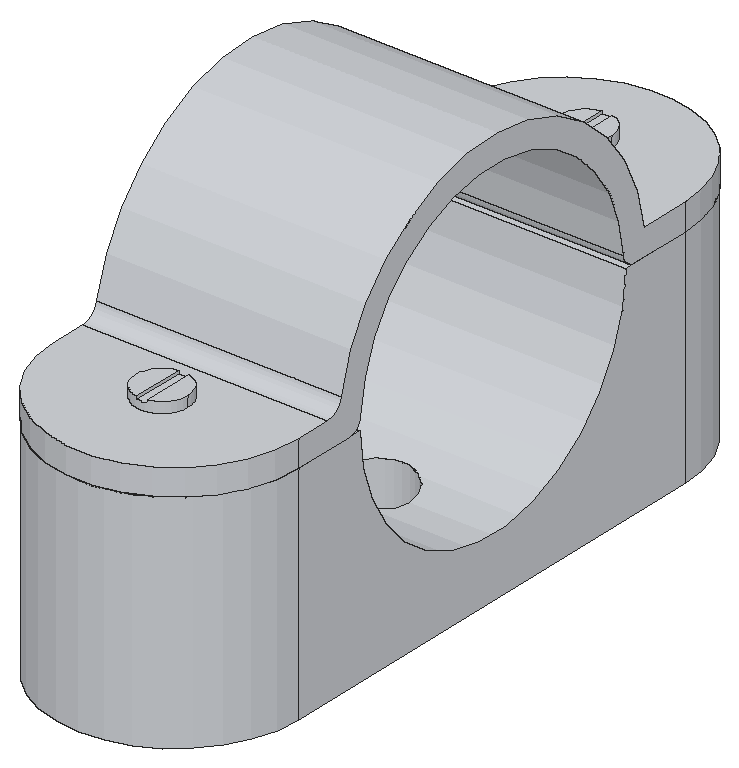
Revit family "DS2G", category Generic Models, Revit 2017
Family settings
  Can host rebar = No
  Round Connector Dimension = Use Diameter
  Part Type = Normal
  Work Plane-Based = Yes
  Always vertical = No
  Cut with Voids When Loaded = No
  Shared = No
  Room Calculation Point = No
Parameters (values of type "NBS Standard Parameters")
  Weight = "0.088Kg"
  WarrantyStartDate [instance] = "1900-12-31T23:59:59"
  WarrantyGuarantorParts = "n/a"
  WarrantyGuarantorLabor = "n/a"
  WarrantyDurationUnit = "1 year"
  WarrantyDurationParts = "n/a"
  WarrantyDurationLabor = "n/a"
  WarrantyDescription = "n/a"
  Version = "1"
  Uniclass2 = "Pr_65_70_11_20"
  TagNumber [instance] = "n/a"
  SustainabilityPerformance = "n/a"
  Size = "25mm"
  Shape = "n/a"
  SerialNumber [instance] = "n/a"
  Revision = "n/a"
  ReplacementCost = "n/a"
  ProductInformation = "www.metpro.co.uk/pdf/ds2g.pdf"
  NominalWidth = 18.6 mm
  NominalLength = 55 mm
  NominalHeight = 37 mm
  Name = ""
  NBSTypeID = ""
  NBSReference = "90-55-10/460"
  NBSOfficeMasterTag = ""
  NBSNote = ""
  NBSDescription = "Conduit Fittings"
  NBSCertification = ""
  ModelReference = "DS2G"
  ModelNumber = "n/a"
  Material = "Cast Body, Pressed Steel Strap"
  ManufacturerURL = "www.metpro.co.uk"
  ManufacturerName = "Metpro Ltd"
  Keynote = "Comprises of Body, Strap & 2 Screws"
  InstallationDate [instance] = "1900-12-31T23:59:59"
  IfcExportType = ""
  IfcExportAs = ""
  Grade = "n/a"
  Finish = "Galvanised"
  Features = "n/a"
  ExpectedLife = "n/a"
  DurationUnit = "year"
  Description = "DS2G - 25mm Distance Saddle"
  Default Elevation = 1219.2 mm
  Constituents = "n/a"
  Color = "n/a"
  CodePerformance = "n/a"
  Category = "n/a"
  BarCode [instance] = "n/a"
  BIMObjectName = "Metpro_metprolibrary_conduitfittings _metalcomponent_steelaccessories"
  Author = "Metpro Limited"
  AssetType = ""
  AssetIdentifier [instance] = "n/a"
  AccessibilityPerformance = "n/a"
Reference planes
  plane 1 "Center (Front/Back)": y = 0
  plane 2: z = 0
  plane 3 "Center (Left/Right)": x = 0
Forms (mm)
  Extrusion 1, solid
    sketch origin (-326.08, 185.062, 2) x (1, 0, 0) y (0, 1, 0)
      loop
        line (13.857, 17.586) -> (13.857, -18.914)
        arc (13.857, -18.914) -> (23.107, -28.164) -> (32.357, -18.914) r 9.25
        line (32.357, -18.914) -> (32.357, 17.586)
        arc (32.357, 17.586) -> (23.107, 26.836) -> (13.857, 17.586) r 9.25
    from -2 to 15
  Extrusion 2, solid
    sketch origin (-294.223, 167.648, 2) x (0, 1, 0) y (0, 0, 1)
      loop
        arc (29.174, 15.954) -> (29.491, 15.295) -> (30.171, 15.028) r 1
        line (30.171, 15.028) -> (44.208, 15.028) -> (44.208, 17.028) -> (31.07, 17.028)
        arc (31.07, 17.028) -> (17.263, 29.517) -> (2.542, 18.12) r 14.5
        arc (2.542, 18.12) -> (2.056, 17.335) -> (1.185, 17.028) r 1.389
        line (1.185, 17.028) -> (-10.792, 17.028) -> (-10.792, 15.028) -> (3.245, 15.028)
        arc (3.245, 15.028) -> (3.926, 15.295) -> (4.243, 15.954) r 1
        arc (4.243, 15.954) -> (16.708, 27.528) -> (29.174, 15.954) r 12.5
    from -20.24 to 2.343
  Extrusion 3, solid
    sketch origin (-294.223, 195.062, 19) x (0, 1, 0) y (-1, 0, 0)
      loop
        circle (10, 9) r 2
      loop
        circle (-30, 9) r 2
    from 0 to 0.8
  Extrusion 4, void
    sketch origin (-294.223, 195.062, 19.8) x (-1, 0, 0) y (0, 1, 0)
      loop
        line (9.313, 7.297) -> (9.313, 12.948) -> (8.52, 12.948) -> (8.52, 7.297) -> (9.313, 7.297)
      loop
        line (9.313, -27.126) -> (8.52, -27.126) -> (8.52, -32.776) -> (9.313, -32.776) -> (9.313, -27.126)
    from 0 to 0.2
  Extrusion 5, void
    sketch origin (-326.08, 185.062, 0) x (1, 0, 0) y (0, 1, 0)
      loop
        arc (13.857, -18.914) -> (23.107, -28.164) -> (32.357, -18.914) r 9.25
        line (32.357, -18.914) -> (32.357, 17.586)
        arc (32.357, 17.586) -> (23.107, 26.836) -> (13.857, 17.586) r 9.25
        line (13.857, 17.586) -> (13.857, -18.914)
      loop
        line (38.076, -30.594) -> (38.076, 33.347) -> (5.273, 33.347) -> (5.273, -30.594) -> (38.076, -30.594)
    from 0 to 33.47
  Extrusion 6, void
    sketch origin (-326.08, 185.062, 0) x (1, 0, 0) y (0, 1, 0)
      loop
        circle (23.107, -0.609) r 3.006
    from 0 to 8.926
  Extrusion 7, void
    sketch origin (-293.723, 202.648, 2) x (0, 1, 0) y (0, 0, -1)
      loop
        circle (-18.194, -15) r 12.517
    from 0 to 21.877
Cuts and joins
  Extrusion 4 cuts Extrusion 3
  Extrusion 5, Extrusion 6, Extrusion 7 cuts Extrusion 1
  Extrusion 5, Extrusion 6 cuts Extrusion 2
Dimensions and locks
  aligned and locked: level to plane 2
